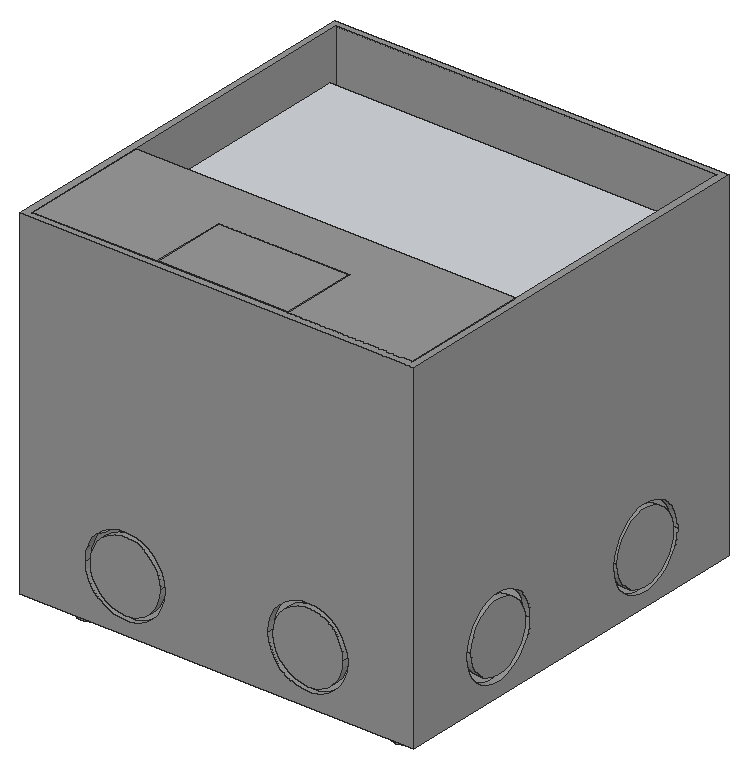
Revit family "Bodensteckdose UDHOME2, mit Bodenbelagaussparung im Edelstahldeckel", category Generic Models, Revit 2015
Parameters (values of type "UDHOME2 V")
  Width 1 = 121 mm
  Width = 125 mm
  URL = "http://www.obo-bettermann.com"
  Material = Stainless Steel
  Manufacturer Art.No. = "7427090"
  Manufacturer = "OBO Bettermann"
  Length 1 = 121 mm
  Length = 125 mm
  HeightCalc = if(Height < 110 mm, 110 mm, (if(Height > 130 mm, 130 mm, Height)))  # 115 mm
  Height 1 = 108.3 mm
  Height = 115 mm
  GTIN = "4012196266739"
  Article Type = "UDHOME2 V"
Types (3, lengths in mm): name | Manufacturer Art.No. | GTIN | Article Type
  (no name) | "7427090" | "4012196266739" | "UDHOME2 V"
  UDHOME2 V | "7427090" | "4012196266739" | "UDHOME2 V"
  UDHOME2 V V | "7368399" | "4012195802624" | "UDHOME2 V V"
Reference planes
  plane 1 "Center (Front/Back)": y = 0
  plane 2: z = 0
  plane 3 "Center (Left/Right)": x = 0
  plane 4: z = 6.7
  plane 5: z = 115
  plane 6: z = 7.7
  plane 7: z = 100.1
  plane 8: z = 98.1
Forms (mm)
  Extrusion 1, solid, material "Stainless Steel" <- "Material"
    sketch origin (0, 0, 0) x (1, 0, 0) y (0, 1, 0)
      loop
        circle (-50, 50) r 4
      loop
        circle (-50, -50) r 4
      loop
        circle (50, 50) r 4
      loop
        circle (50, -50) r 4
    from 0 to 6.7
  Extrusion 2, solid, material "Stainless Steel" <- "Material"
    sketch origin (0, 0, 0) x (1, 0, 0) y (0, 1, 0)
      loop
        line (-62.5, 62.5) -> (-62.5, -62.5) -> (62.5, -62.5) -> (62.5, 62.5) -> (-62.5, 62.5)
    from 6.7 to 115
  Extrusion 3, void
    sketch origin (0, 0, 0) x (1, 0, 0) y (0, 1, 0)
      loop
        line (-60.5, 60.5) -> (-60.5, -60.5) -> (60.5, -60.5) -> (60.5, 60.5) -> (-60.5, 60.5)
    from 7.7 to 115
  Extrusion 4, solid, material "Stainless Steel" <- "Material"
    sketch origin (0, 0, 0) x (1, 0, 0) y (0, 1, 0)
      loop
        line (60.25, -60.25) -> (60.25, -19.25) -> (-60.25, -19.25) -> (-60.25, -60.25) -> (60.25, -60.25)
    from 100.1 to 115
  Extrusion 5, void
    sketch origin (0, 0, 0) x (1, 0, 0) y (0, 1, 0)
      loop
        line (20.8, -60.25) -> (20.8, -35.75) -> (-20.8, -35.75) -> (-20.8, -60.25) -> (20.8, -60.25)
      loop
        line (-20.6, -35.95) -> (-20.6, -60.05) -> (20.6, -60.05) -> (20.6, -35.95) -> (-20.6, -35.95)
    from 100.1 to 115
  Extrusion 6, void
    sketch origin (0, 0, 0) x (1, 0, 0) y (0, 0, 1)
      loop
        circle (-29, 23.5) r 12.75
      loop
        circle (29, 23.7) r 12.75
      loop
        circle (29, 23.7) r 11.15
      loop
        circle (-29, 23.5) r 11.15
    from -62.5 to 62.5
  Extrusion 7, void
    sketch origin (0, 0, 0) x (0, 1, 0) y (0, 0, 1)
      loop
        circle (29.401, 23.5) r 12.75
      loop
        circle (29.401, 23.5) r 11.15
      loop
        circle (-29, 23.7) r 12.75
      loop
        circle (-29, 23.7) r 10.75
    from -62.5 to 62.5
  Extrusion 8, solid
    sketch origin (0, 0, 0) x (1, 0, 0) y (0, 1, 0)
      loop
        line (-60.25, -21.25) -> (60.25, -21.25) -> (60.25, 57.5) -> (-60.25, 57.5) -> (-60.25, -21.25)
    from 98.1 to 100.1
Cuts and joins
  Extrusion 3 cuts Extrusion 1
  Extrusion 3, Extrusion 5, Extrusion 6, Extrusion 7 cuts Extrusion 2
  Extrusion 5 cuts Extrusion 4
Dimensions and locks
  locked: Extrusion 1 sketch curve to plane 3 "Center (Left/Right)" at 50  (x2)
  locked: plane 1 "Center (Front/Back)" to Extrusion 1 sketch curve at 50
  locked: Extrusion 1 sketch curve to plane 1 "Center (Front/Back)" at 50  (x2)
  locked: plane 3 "Center (Left/Right)" to Extrusion 1 sketch curve at 50  (x2)
  plane 1 "Center (Front/Back)" to Extrusion 1 sketch curve = 50 mm
  locked: Extrusion 2 sketch curve to Extrusion 2 sketch curve at 125  (x2)
  locked: Extrusion 2 sketch curve to plane 3 "Center (Left/Right)" at 62.5
  locked: plane 1 "Center (Front/Back)" to Extrusion 2 sketch curve at 62.5
  plane 3 "Center (Left/Right)" to Extrusion 2 = 62.5 mm
  "Height 1": plane 5 to plane 4
  "HeightCalc": plane 5 to level
  "Length 1": Extrusion 3 sketch curve to Extrusion 3 sketch curve
  equal spacing: Extrusion 3 sketch curve, plane 1 "Center (Front/Back)", Extrusion 3 sketch curve
  "Width 1": Extrusion 3 sketch curve to Extrusion 3 sketch curve
  equal spacing: Extrusion 3 sketch curve, plane 3 "Center (Left/Right)", Extrusion 3 sketch curve
  locked: Extrusion 4 sketch curve to Extrusion 4 sketch curve at 120.5
  equal spacing: Extrusion 4 sketch curve, plane 3 "Center (Left/Right)", Extrusion 4 sketch curve, locked at 60.25 each
  locked: plane 5 to plane 7 at 14.9
  locked: Extrusion 5 sketch curve to Extrusion 5 sketch curve at 41.6
  equal spacing: Extrusion 5 sketch curve, plane 3 "Center (Left/Right)", Extrusion 5 sketch curve, locked at 20.8 each
  locked: Extrusion 4 to Extrusion 5 sketch curve at 24.5
  locked: Extrusion 6 sketch curve to cut or joined group of Extrusion 2, Extrusion 3, Extrusion 5, Extrusion 6, Extrusion 7 at 16.8  (x2)
  locked: plane 3 "Center (Left/Right)" to Extrusion 6 sketch curve at 29  (x2)
  locked: Extrusion 6 sketch curve to cut or joined group of Extrusion 2, Extrusion 3, Extrusion 5, Extrusion 6, Extrusion 7 at 17  (x2)
  locked: Extrusion 6 sketch curve to plane 3 "Center (Left/Right)" at 29  (x2)
  cut or joined group of Extrusion 2, Extrusion 3, Extrusion 5, Extrusion 6, Extrusion 7 to Extrusion 7 sketch curve = 16.8 mm
  locked: Extrusion 7 sketch curve to plane 1 "Center (Front/Back)" at 29.401  (x2)
  locked: cut or joined group of Extrusion 2, Extrusion 3, Extrusion 5, Extrusion 6, Extrusion 7 to Extrusion 7 sketch curve at 16.8
  locked: plane 1 "Center (Front/Back)" to Extrusion 7 sketch curve at 29  (x2)
  locked: cut or joined group of Extrusion 2, Extrusion 3, Extrusion 5, Extrusion 6, Extrusion 7 to Extrusion 7 sketch curve at 17  (x2)
  locked: Extrusion 5 sketch curve to Extrusion 5 sketch curve at 0.2
  locked: Extrusion 4 sketch curve to plane 1 "Center (Front/Back)" at 19.25
  locked: cut or joined group of Extrusion 4, Extrusion 5 to Extrusion 8 sketch curve at 2
  locked: Extrusion 8 sketch curve to cut or joined group of Extrusion 4, Extrusion 5 at 76.75
  locked: plane 7 to plane 8 at 2
  locked: plane 6 to plane 4 at 1
  diameter of Extrusion 1 sketch curve = 8 mm  (x4)
  diameter of Extrusion 6 sketch curve = 25.5 mm  (x2)
  diameter of Extrusion 6 sketch curve = 22.3 mm  (x2)
  diameter of Extrusion 7 sketch curve = 25.5 mm  (x2)
  diameter of Extrusion 7 sketch curve = 22.3 mm
  diameter of Extrusion 7 sketch curve = 21.5 mm
  aligned and locked: level to plane 2
  aligned and locked: plane 4 to Extrusion 1
  aligned and locked: Extrusion 1 to level
  aligned and locked: Extrusion 2 to Extrusion 1
  aligned and locked: plane 5 to Extrusion 2
  aligned and locked: Extrusion 3 to plane 6
  aligned and locked: plane 5 to Extrusion 3
  aligned and locked: Extrusion 4 to plane 7
  aligned and locked: plane 5 to Extrusion 4
  aligned and locked: Extrusion 5 to plane 7
  aligned and locked: Extrusion 2 to Extrusion 5
  aligned and locked: Extrusion 2 to Extrusion 6  (x2)
  aligned and locked: Extrusion 2 to Extrusion 7  (x2)
  aligned and locked: cut or joined group of Extrusion 4, Extrusion 5 to Extrusion 8 sketch curve
  aligned and locked: Extrusion 8 sketch curve to cut or joined group of Extrusion 4, Extrusion 5
  aligned and locked: Extrusion 8 to plane 8
  aligned and locked: plane 7 to Extrusion 8
Automatic sketch dimensions
  Extrusion 5 sketch curve to Extrusion 5 sketch curve = 24.1 mm
  Extrusion 5 sketch curve to Extrusion 5 sketch curve = 0.2 mm  (x3)
  Extrusion 4 sketch curve to Extrusion 4 sketch curve = 41 mm
